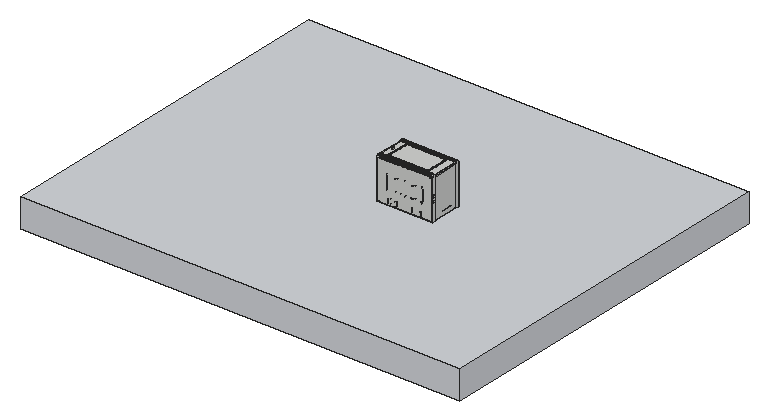
Revit family "ШТ-НСр 600х450", category Обобщенные модели, Revit 2019 (continued)
Definition of nested family "Крышка 450"
  Forms (mm)
    Extrusion 9, void, detail levels medium+fine
      sketch origin (0, 0, -284.506) x (0, 1, 0) y (0, 0, 1)
        loop
          arc (238.196, 323.006) -> (239.942, 324.752) -> (238.196, 326.499) r 1.747
      from 299 to 300
    Extrusion 10, void, detail levels medium+fine
      sketch origin (0, 0, -274.506) x (0, 1, 0) y (0, 0, 1)
        loop
          line (238.196, 326.499) -> (216.196, 326.499)
          arc (216.196, 326.499) -> (214.449, 324.752) -> (216.196, 323.006) r 1.747
          line (216.196, 323.006) -> (238.196, 323.006)
          arc (238.196, 323.006) -> (239.942, 324.752) -> (238.196, 326.499) r 1.747
      from 299 to 300
    Extrusion 11, void, detail levels medium+fine
      sketch origin (0, 0, -264.506) x (0, 1, 0) y (0, 0, 1)
        loop
          line (238.196, 326.499) -> (216.196, 326.499)
          arc (216.196, 326.499) -> (214.449, 324.752) -> (216.196, 323.006) r 1.747
          line (216.196, 323.006) -> (238.196, 323.006)
          arc (238.196, 323.006) -> (239.942, 324.752) -> (238.196, 326.499) r 1.747
      from 299 to 300
    Extrusion 12, void, detail levels medium+fine
      sketch origin (0, 0, -254.506) x (0, 1, 0) y (0, 0, 1)
        loop
          line (238.196, 326.499) -> (216.196, 326.499)
          arc (216.196, 326.499) -> (214.449, 324.752) -> (216.196, 323.006) r 1.747
          line (216.196, 323.006) -> (238.196, 323.006)
          arc (238.196, 323.006) -> (239.942, 324.752) -> (238.196, 326.499) r 1.747
      from 299 to 300
    Extrusion 13, void, detail levels medium+fine
      sketch origin (0, 0, -244.506) x (0, 1, 0) y (0, 0, 1)
        loop
          line (238.196, 326.499) -> (216.196, 326.499)
          arc (216.196, 326.499) -> (214.449, 324.752) -> (216.196, 323.006) r 1.747
          line (216.196, 323.006) -> (238.196, 323.006)
          arc (238.196, 323.006) -> (239.942, 324.752) -> (238.196, 326.499) r 1.747
      from 299 to 300
    Extrusion 14, void, detail levels medium+fine
      sketch origin (0, 0, -234.506) x (0, 1, 0) y (0, 0, 1)
        loop
          line (238.196, 326.499) -> (216.196, 326.499)
          arc (216.196, 326.499) -> (214.449, 324.752) -> (216.196, 323.006) r 1.747
          line (216.196, 323.006) -> (238.196, 323.006)
          arc (238.196, 323.006) -> (239.942, 324.752) -> (238.196, 326.499) r 1.747
      from 299 to 300
    Extrusion 15, void, detail levels medium+fine
      sketch origin (0, 0, -224.506) x (0, 1, 0) y (0, 0, 1)
        loop
          line (238.196, 326.499) -> (216.196, 326.499)
          arc (216.196, 326.499) -> (214.449, 324.752) -> (216.196, 323.006) r 1.747
          line (216.196, 323.006) -> (238.196, 323.006)
          arc (238.196, 323.006) -> (239.942, 324.752) -> (238.196, 326.499) r 1.747
      from 299 to 300
    Extrusion 16, void, detail levels medium+fine
      sketch origin (0, 0, -214.506) x (0, 1, 0) y (0, 0, 1)
        loop
          line (238.196, 326.499) -> (216.196, 326.499)
          arc (216.196, 326.499) -> (214.449, 324.752) -> (216.196, 323.006) r 1.747
          line (216.196, 323.006) -> (238.196, 323.006)
          arc (238.196, 323.006) -> (239.942, 324.752) -> (238.196, 326.499) r 1.747
      from 299 to 300
    Extrusion 17, void, detail levels medium+fine
      sketch origin (0, 0, -204.506) x (0, 1, 0) y (0, 0, 1)
        loop
          line (238.196, 326.499) -> (216.196, 326.499)
          arc (216.196, 326.499) -> (214.449, 324.752) -> (216.196, 323.006) r 1.747
          line (216.196, 323.006) -> (238.196, 323.006)
          arc (238.196, 323.006) -> (239.942, 324.752) -> (238.196, 326.499) r 1.747
      from 299 to 300
    Extrusion 18, void, detail levels medium+fine
      sketch origin (0, 0, -194.506) x (0, 1, 0) y (0, 0, 1)
        loop
          line (238.196, 326.499) -> (216.196, 326.499)
          arc (216.196, 326.499) -> (214.449, 324.752) -> (216.196, 323.006) r 1.747
          line (216.196, 323.006) -> (238.196, 323.006)
          arc (238.196, 323.006) -> (239.942, 324.752) -> (238.196, 326.499) r 1.747
      from 299 to 300
    Extrusion 19, void, detail levels medium+fine
      sketch origin (0, 0, -184.506) x (0, 1, 0) y (0, 0, 1)
        loop
          line (238.196, 326.499) -> (216.196, 326.499)
          arc (216.196, 326.499) -> (214.449, 324.752) -> (216.196, 323.006) r 1.747
          line (216.196, 323.006) -> (238.196, 323.006)
          arc (238.196, 323.006) -> (239.942, 324.752) -> (238.196, 326.499) r 1.747
      from 299 to 300
    Extrusion 20, void, detail levels medium+fine
      sketch origin (0, 0, -174.506) x (0, 1, 0) y (0, 0, 1)
        loop
          line (238.196, 326.499) -> (216.196, 326.499)
          arc (216.196, 326.499) -> (214.449, 324.752) -> (216.196, 323.006) r 1.747
          line (216.196, 323.006) -> (238.196, 323.006)
          arc (238.196, 323.006) -> (239.942, 324.752) -> (238.196, 326.499) r 1.747
      from 299 to 300
    Extrusion 21, void, detail levels medium+fine
      sketch origin (0, 0, -164.506) x (0, 1, 0) y (0, 0, 1)
        loop
          line (238.196, 326.499) -> (216.196, 326.499)
          arc (216.196, 326.499) -> (214.449, 324.752) -> (216.196, 323.006) r 1.747
          line (216.196, 323.006) -> (238.196, 323.006)
          arc (238.196, 323.006) -> (239.942, 324.752) -> (238.196, 326.499) r 1.747
      from 299 to 300
    Extrusion 22, void, detail levels medium+fine
      sketch origin (0, 0, -154.506) x (0, 1, 0) y (0, 0, 1)
        loop
          line (238.196, 326.499) -> (216.196, 326.499)
          arc (216.196, 326.499) -> (214.449, 324.752) -> (216.196, 323.006) r 1.747
          line (216.196, 323.006) -> (238.196, 323.006)
          arc (238.196, 323.006) -> (239.942, 324.752) -> (238.196, 326.499) r 1.747
      from 299 to 300
    Extrusion 23, void, detail levels medium+fine
      sketch origin (0, 0, -144.506) x (0, 1, 0) y (0, 0, 1)
        loop
          line (238.196, 426.499) -> (216.196, 426.499)
          arc (216.196, 426.499) -> (214.449, 424.752) -> (216.196, 423.006) r 1.747
          line (216.196, 423.006) -> (238.196, 423.006)
          arc (238.196, 423.006) -> (239.942, 424.752) -> (238.196, 426.499) r 1.747
      from 299 to 300
    Extrusion 24, void, detail levels medium+fine
      sketch origin (0, 0, -134.506) x (0, 1, 0) y (0, 0, 1)
        loop
          line (238.196, 426.499) -> (216.196, 426.499)
          arc (216.196, 426.499) -> (214.449, 424.752) -> (216.196, 423.006) r 1.747
          line (216.196, 423.006) -> (238.196, 423.006)
          arc (238.196, 423.006) -> (239.942, 424.752) -> (238.196, 426.499) r 1.747
      from 299 to 300
    Extrusion 25, void, detail levels medium+fine
      sketch origin (0, 0, -124.506) x (0, 1, 0) y (0, 0, 1)
        loop
          line (238.196, 426.499) -> (216.196, 426.499)
          arc (216.196, 426.499) -> (214.449, 424.752) -> (216.196, 423.006) r 1.747
          line (216.196, 423.006) -> (238.196, 423.006)
          arc (238.196, 423.006) -> (239.942, 424.752) -> (238.196, 426.499) r 1.747
      from 299 to 300
    Extrusion 26, void, detail levels medium+fine
      sketch origin (0, 0, -114.506) x (0, 1, 0) y (0, 0, 1)
        loop
          line (238.196, 426.499) -> (216.196, 426.499)
          arc (216.196, 426.499) -> (214.449, 424.752) -> (216.196, 423.006) r 1.747
          line (216.196, 423.006) -> (238.196, 423.006)
          arc (238.196, 423.006) -> (239.942, 424.752) -> (238.196, 426.499) r 1.747
      from 299 to 300
    Extrusion 27, void, detail levels medium+fine
      sketch origin (0, 0, -104.506) x (0, 1, 0) y (0, 0, 1)
        loop
          line (238.196, 426.499) -> (216.196, 426.499)
          arc (216.196, 426.499) -> (214.449, 424.752) -> (216.196, 423.006) r 1.747
          line (216.196, 423.006) -> (238.196, 423.006)
          arc (238.196, 423.006) -> (239.942, 424.752) -> (238.196, 426.499) r 1.747
      from 299 to 300
    Extrusion 28, void, detail levels medium+fine
      sketch origin (0, 0, -94.506) x (0, 1, 0) y (0, 0, 1)
        loop
          line (238.196, 426.499) -> (216.196, 426.499)
          arc (216.196, 426.499) -> (214.449, 424.752) -> (216.196, 423.006) r 1.747
          line (216.196, 423.006) -> (238.196, 423.006)
          arc (238.196, 423.006) -> (239.942, 424.752) -> (238.196, 426.499) r 1.747
      from 299 to 300
    Extrusion 29, void, detail levels medium+fine
      sketch origin (0, 0, -84.506) x (0, 1, 0) y (0, 0, 1)
        loop
          line (238.196, 426.499) -> (216.196, 426.499)
          arc (216.196, 426.499) -> (214.449, 424.752) -> (216.196, 423.006) r 1.747
          line (216.196, 423.006) -> (238.196, 423.006)
          arc (238.196, 423.006) -> (239.942, 424.752) -> (238.196, 426.499) r 1.747
      from 299 to 300
    Extrusion 30, void, detail levels medium+fine
      sketch origin (0, 0, -74.506) x (0, 1, 0) y (0, 0, 1)
        loop
          line (238.196, 426.499) -> (216.196, 426.499)
          arc (216.196, 426.499) -> (214.449, 424.752) -> (216.196, 423.006) r 1.747
          line (216.196, 423.006) -> (238.196, 423.006)
          arc (238.196, 423.006) -> (239.942, 424.752) -> (238.196, 426.499) r 1.747
      from 299 to 300
    Extrusion 31, void, detail levels medium+fine
      sketch origin (0, 0, -64.506) x (0, 1, 0) y (0, 0, 1)
        loop
          line (238.196, 426.499) -> (216.196, 426.499)
          arc (216.196, 426.499) -> (214.449, 424.752) -> (216.196, 423.006) r 1.747
          line (216.196, 423.006) -> (238.196, 423.006)
          arc (238.196, 423.006) -> (239.942, 424.752) -> (238.196, 426.499) r 1.747
      from 299 to 300
    Extrusion 32, void, detail levels medium+fine
      sketch origin (0, 0, -54.506) x (0, 1, 0) y (0, 0, 1)
        loop
          line (238.196, 426.499) -> (216.196, 426.499)
          arc (216.196, 426.499) -> (214.449, 424.752) -> (216.196, 423.006) r 1.747
          line (216.196, 423.006) -> (238.196, 423.006)
          arc (238.196, 423.006) -> (239.942, 424.752) -> (238.196, 426.499) r 1.747
      from 299 to 300
    Extrusion 33, void, detail levels medium+fine
      sketch origin (0, 0, -44.506) x (0, 1, 0) y (0, 0, 1)
        loop
          line (238.196, 426.499) -> (216.196, 426.499)
          arc (216.196, 426.499) -> (214.449, 424.752) -> (216.196, 423.006) r 1.747
          line (216.196, 423.006) -> (238.196, 423.006)
          arc (238.196, 423.006) -> (239.942, 424.752) -> (238.196, 426.499) r 1.747
      from 299 to 300
    Extrusion 34, void, detail levels medium+fine
      sketch origin (0, 0, -34.506) x (0, 1, 0) y (0, 0, 1)
        loop
          line (238.196, 426.499) -> (216.196, 426.499)
          arc (216.196, 426.499) -> (214.449, 424.752) -> (216.196, 423.006) r 1.747
          line (216.196, 423.006) -> (238.196, 423.006)
          arc (238.196, 423.006) -> (239.942, 424.752) -> (238.196, 426.499) r 1.747
      from 299 to 300
    Extrusion 35, void, detail levels medium+fine
      sketch origin (0, 0, -24.506) x (0, 1, 0) y (0, 0, 1)
        loop
          line (238.196, 426.499) -> (216.196, 426.499)
          arc (216.196, 426.499) -> (214.449, 424.752) -> (216.196, 423.006) r 1.747
          line (216.196, 423.006) -> (238.196, 423.006)
          arc (238.196, 423.006) -> (239.942, 424.752) -> (238.196, 426.499) r 1.747
      from 299 to 300
    Extrusion 36, void, detail levels medium+fine
      sketch origin (0, 0, -14.506) x (0, 1, 0) y (0, 0, 1)
        loop
          line (238.196, 426.499) -> (216.196, 426.499)
          arc (216.196, 426.499) -> (214.449, 424.752) -> (216.196, 423.006) r 1.747
          line (216.196, 423.006) -> (238.196, 423.006)
          arc (238.196, 423.006) -> (239.942, 424.752) -> (238.196, 426.499) r 1.747
      from 299 to 300
    Extrusion 37, void, detail levels medium+fine
      sketch origin (0, 0, -4.506) x (0, 1, 0) y (0, 0, 1)
        loop
          line (238.196, 426.499) -> (216.196, 426.499)
          arc (216.196, 426.499) -> (214.449, 424.752) -> (216.196, 423.006) r 1.747
          line (216.196, 423.006) -> (238.196, 423.006)
          arc (238.196, 423.006) -> (239.942, 424.752) -> (238.196, 426.499) r 1.747
      from 299 to 300
    Extrusion 38, void, detail levels medium+fine
      sketch origin (0, 0, -94.506) x (0, 1, 0) y (0, 0, -1)
        loop
          arc (238.196, -426.499) -> (239.942, -424.752) -> (238.196, -423.006) r 1.747
          line (238.196, -423.006) -> (216.196, -423.006)
          arc (216.196, -423.006) -> (214.449, -424.752) -> (216.196, -426.499) r 1.747
          line (216.196, -426.499) -> (238.196, -426.499)
      from 299 to 300
    Extrusion 39, void, detail levels medium+fine
      sketch origin (0, 0, -84.506) x (0, 1, 0) y (0, 0, -1)
        loop
          arc (238.196, -426.499) -> (239.942, -424.752) -> (238.196, -423.006) r 1.747
          line (238.196, -423.006) -> (216.196, -423.006)
          arc (216.196, -423.006) -> (214.449, -424.752) -> (216.196, -426.499) r 1.747
          line (216.196, -426.499) -> (238.196, -426.499)
      from 299 to 300
    Extrusion 40, void, detail levels medium+fine
      sketch origin (0, 0, -74.506) x (0, 1, 0) y (0, 0, -1)
        loop
          arc (238.196, -426.499) -> (239.942, -424.752) -> (238.196, -423.006) r 1.747
          line (238.196, -423.006) -> (216.196, -423.006)
          arc (216.196, -423.006) -> (214.449, -424.752) -> (216.196, -426.499) r 1.747
          line (216.196, -426.499) -> (238.196, -426.499)
      from 299 to 300
    Extrusion 41, void, detail levels medium+fine
      sketch origin (0, 0, -64.506) x (0, 1, 0) y (0, 0, -1)
        loop
          arc (238.196, -426.499) -> (239.942, -424.752) -> (238.196, -423.006) r 1.747
          line (238.196, -423.006) -> (216.196, -423.006)
          arc (216.196, -423.006) -> (214.449, -424.752) -> (216.196, -426.499) r 1.747
          line (216.196, -426.499) -> (238.196, -426.499)
      from 299 to 300
    Extrusion 42, void, detail levels medium+fine
      sketch origin (0, 0, -54.506) x (0, 1, 0) y (0, 0, -1)
        loop
          arc (238.196, -426.499) -> (239.942, -424.752) -> (238.196, -423.006) r 1.747
          line (238.196, -423.006) -> (216.196, -423.006)
          arc (216.196, -423.006) -> (214.449, -424.752) -> (216.196, -426.499) r 1.747
          line (216.196, -426.499) -> (238.196, -426.499)
      from 299 to 300
    Extrusion 43, void, detail levels medium+fine
      sketch origin (0, 0, -44.506) x (0, 1, 0) y (0, 0, -1)
        loop
          arc (238.196, -426.499) -> (239.942, -424.752) -> (238.196, -423.006) r 1.747
          line (238.196, -423.006) -> (216.196, -423.006)
          arc (216.196, -423.006) -> (214.449, -424.752) -> (216.196, -426.499) r 1.747
          line (216.196, -426.499) -> (238.196, -426.499)
      from 299 to 300
    Extrusion 44, void, detail levels medium+fine
      sketch origin (0, 0, -34.506) x (0, 1, 0) y (0, 0, -1)
        loop
          arc (238.196, -426.499) -> (239.942, -424.752) -> (238.196, -423.006) r 1.747
          line (238.196, -423.006) -> (216.196, -423.006)
          arc (216.196, -423.006) -> (214.449, -424.752) -> (216.196, -426.499) r 1.747
          line (216.196, -426.499) -> (238.196, -426.499)
      from 299 to 300
    Extrusion 45, void, detail levels medium+fine
      sketch origin (0, 0, -24.506) x (0, 1, 0) y (0, 0, -1)
        loop
          arc (238.196, -426.499) -> (239.942, -424.752) -> (238.196, -423.006) r 1.747
          line (238.196, -423.006) -> (216.196, -423.006)
          arc (216.196, -423.006) -> (214.449, -424.752) -> (216.196, -426.499) r 1.747
          line (216.196, -426.499) -> (238.196, -426.499)
      from 299 to 300
    Extrusion 46, void, detail levels medium+fine
      sketch origin (0, 0, -14.506) x (0, 1, 0) y (0, 0, -1)
        loop
          arc (238.196, -426.499) -> (239.942, -424.752) -> (238.196, -423.006) r 1.747
          line (238.196, -423.006) -> (216.196, -423.006)
          arc (216.196, -423.006) -> (214.449, -424.752) -> (216.196, -426.499) r 1.747
          line (216.196, -426.499) -> (238.196, -426.499)
      from 299 to 300
    Extrusion 47, void, detail levels medium+fine
      sketch origin (0, 0, -4.506) x (0, 1, 0) y (0, 0, -1)
        loop
          arc (238.196, -426.499) -> (239.942, -424.752) -> (238.196, -423.006) r 1.747
          line (238.196, -423.006) -> (216.196, -423.006)
          arc (216.196, -423.006) -> (214.449, -424.752) -> (216.196, -426.499) r 1.747
          line (216.196, -426.499) -> (238.196, -426.499)
      from 299 to 300
    Extrusion 48, void, detail levels medium+fine
      sketch origin (0, 0, -144.506) x (0, 1, 0) y (0, 0, -1)
        loop
          arc (238.196, -426.499) -> (239.942, -424.752) -> (238.196, -423.006) r 1.747
          line (238.196, -423.006) -> (216.196, -423.006)
          arc (216.196, -423.006) -> (214.449, -424.752) -> (216.196, -426.499) r 1.747
          line (216.196, -426.499) -> (238.196, -426.499)
      from 299 to 300
    Extrusion 49, void, detail levels medium+fine
      sketch origin (0, 0, -134.506) x (0, 1, 0) y (0, 0, -1)
        loop
          arc (238.196, -426.499) -> (239.942, -424.752) -> (238.196, -423.006) r 1.747
          line (238.196, -423.006) -> (216.196, -423.006)
          arc (216.196, -423.006) -> (214.449, -424.752) -> (216.196, -426.499) r 1.747
          line (216.196, -426.499) -> (238.196, -426.499)
      from 299 to 300
    Extrusion 50, void, detail levels medium+fine
      sketch origin (0, 0, -124.506) x (0, 1, 0) y (0, 0, -1)
        loop
          arc (238.196, -426.499) -> (239.942, -424.752) -> (238.196, -423.006) r 1.747
          line (238.196, -423.006) -> (216.196, -423.006)
          arc (216.196, -423.006) -> (214.449, -424.752) -> (216.196, -426.499) r 1.747
          line (216.196, -426.499) -> (238.196, -426.499)
      from 299 to 300
    Extrusion 51, void, detail levels medium+fine
      sketch origin (0, 0, -114.506) x (0, 1, 0) y (0, 0, -1)
        loop
          arc (238.196, -426.499) -> (239.942, -424.752) -> (238.196, -423.006) r 1.747
          line (238.196, -423.006) -> (216.196, -423.006)
          arc (216.196, -423.006) -> (214.449, -424.752) -> (216.196, -426.499) r 1.747
          line (216.196, -426.499) -> (238.196, -426.499)
      from 299 to 300
    Extrusion 52, void, detail levels medium+fine
      sketch origin (0, 0, -104.506) x (0, 1, 0) y (0, 0, -1)
        loop
          arc (238.196, -426.499) -> (239.942, -424.752) -> (238.196, -423.006) r 1.747
          line (238.196, -423.006) -> (216.196, -423.006)
          arc (216.196, -423.006) -> (214.449, -424.752) -> (216.196, -426.499) r 1.747
          line (216.196, -426.499) -> (238.196, -426.499)
      from 299 to 300
    Extrusion 53, void, detail levels medium+fine
      sketch origin (0, 0, -194.506) x (0, 1, 0) y (0, 0, -1)
        loop
          arc (238.196, -326.499) -> (239.942, -324.752) -> (238.196, -323.006) r 1.747
          line (238.196, -323.006) -> (216.196, -323.006)
          arc (216.196, -323.006) -> (214.449, -324.752) -> (216.196, -326.499) r 1.747
          line (216.196, -326.499) -> (238.196, -326.499)
      from 299 to 300
    Extrusion 54, void, detail levels medium+fine
      sketch origin (0, 0, -184.506) x (0, 1, 0) y (0, 0, -1)
        loop
          arc (238.196, -326.499) -> (239.942, -324.752) -> (238.196, -323.006) r 1.747
          line (238.196, -323.006) -> (216.196, -323.006)
          arc (216.196, -323.006) -> (214.449, -324.752) -> (216.196, -326.499) r 1.747
          line (216.196, -326.499) -> (238.196, -326.499)
      from 299 to 300
    Extrusion 55, void, detail levels medium+fine
      sketch origin (0, 0, -174.506) x (0, 1, 0) y (0, 0, -1)
        loop
          arc (238.196, -326.499) -> (239.942, -324.752) -> (238.196, -323.006) r 1.747
          line (238.196, -323.006) -> (216.196, -323.006)
          arc (216.196, -323.006) -> (214.449, -324.752) -> (216.196, -326.499) r 1.747
          line (216.196, -326.499) -> (238.196, -326.499)
      from 299 to 300
    Extrusion 56, void, detail levels medium+fine
      sketch origin (0, 0, -164.506) x (0, 1, 0) y (0, 0, -1)
        loop
          arc (238.196, -326.499) -> (239.942, -324.752) -> (238.196, -323.006) r 1.747
          line (238.196, -323.006) -> (216.196, -323.006)
          arc (216.196, -323.006) -> (214.449, -324.752) -> (216.196, -326.499) r 1.747
          line (216.196, -326.499) -> (238.196, -326.499)
      from 299 to 300
    Extrusion 57, void, detail levels medium+fine
      sketch origin (0, 0, -154.506) x (0, 1, 0) y (0, 0, -1)
        loop
          arc (238.196, -326.499) -> (239.942, -324.752) -> (238.196, -323.006) r 1.747
          line (238.196, -323.006) -> (216.196, -323.006)
          arc (216.196, -323.006) -> (214.449, -324.752) -> (216.196, -326.499) r 1.747
          line (216.196, -326.499) -> (238.196, -326.499)
      from 299 to 300
    Extrusion 58, void, detail levels medium+fine
      sketch origin (0, 0, -244.506) x (0, 1, 0) y (0, 0, -1)
        loop
          arc (238.196, -326.499) -> (239.942, -324.752) -> (238.196, -323.006) r 1.747
          line (238.196, -323.006) -> (216.196, -323.006)
          arc (216.196, -323.006) -> (214.449, -324.752) -> (216.196, -326.499) r 1.747
          line (216.196, -326.499) -> (238.196, -326.499)
      from 299 to 300
    Extrusion 59, void, detail levels medium+fine
      sketch origin (0, 0, -234.506) x (0, 1, 0) y (0, 0, -1)
        loop
          arc (238.196, -326.499) -> (239.942, -324.752) -> (238.196, -323.006) r 1.747
          line (238.196, -323.006) -> (216.196, -323.006)
          arc (216.196, -323.006) -> (214.449, -324.752) -> (216.196, -326.499) r 1.747
          line (216.196, -326.499) -> (238.196, -326.499)
      from 299 to 300
    Extrusion 60, void, detail levels medium+fine
      sketch origin (0, 0, -224.506) x (0, 1, 0) y (0, 0, -1)
        loop
          arc (238.196, -326.499) -> (239.942, -324.752) -> (238.196, -323.006) r 1.747
          line (238.196, -323.006) -> (216.196, -323.006)
          arc (216.196, -323.006) -> (214.449, -324.752) -> (216.196, -326.499) r 1.747
          line (216.196, -326.499) -> (238.196, -326.499)
      from 299 to 300
    Extrusion 61, void, detail levels medium+fine
      sketch origin (0, 0, -214.506) x (0, 1, 0) y (0, 0, -1)
        loop
          arc (238.196, -326.499) -> (239.942, -324.752) -> (238.196, -323.006) r 1.747
          line (238.196, -323.006) -> (216.196, -323.006)
          arc (216.196, -323.006) -> (214.449, -324.752) -> (216.196, -326.499) r 1.747
          line (216.196, -326.499) -> (238.196, -326.499)
      from 299 to 300
    Extrusion 62, void, detail levels medium+fine
      sketch origin (0, 0, -204.506) x (0, 1, 0) y (0, 0, -1)
        loop
          arc (238.196, -326.499) -> (239.942, -324.752) -> (238.196, -323.006) r 1.747
          line (238.196, -323.006) -> (216.196, -323.006)
          arc (216.196, -323.006) -> (214.449, -324.752) -> (216.196, -326.499) r 1.747
          line (216.196, -326.499) -> (238.196, -326.499)
      from 299 to 300
    Extrusion 63, void, detail levels medium+fine
      sketch origin (0, 0, -294.506) x (0, 1, 0) y (0, 0, -1)
        loop
          arc (238.196, -326.499) -> (239.942, -324.752) -> (238.196, -323.006) r 1.747
          line (238.196, -323.006) -> (216.196, -323.006)
          arc (216.196, -323.006) -> (214.449, -324.752) -> (216.196, -326.499) r 1.747
          line (216.196, -326.499) -> (238.196, -326.499)
      from 299 to 300
    Extrusion 64, void, detail levels medium+fine
      sketch origin (0, 0, -284.506) x (0, 1, 0) y (0, 0, -1)
        loop
          arc (238.196, -326.499) -> (239.942, -324.752) -> (238.196, -323.006) r 1.747
          line (238.196, -323.006) -> (216.196, -323.006)
          arc (216.196, -323.006) -> (214.449, -324.752) -> (216.196, -326.499) r 1.747
          line (216.196, -326.499) -> (238.196, -326.499)
      from 299 to 300
    Extrusion 65, void, detail levels medium+fine
      sketch origin (0, 0, -274.506) x (0, 1, 0) y (0, 0, -1)
        loop
          arc (238.196, -326.499) -> (239.942, -324.752) -> (238.196, -323.006) r 1.747
          line (238.196, -323.006) -> (216.196, -323.006)
          arc (216.196, -323.006) -> (214.449, -324.752) -> (216.196, -326.499) r 1.747
          line (216.196, -326.499) -> (238.196, -326.499)
      from 299 to 300
    Extrusion 66, void, detail levels medium+fine
      sketch origin (0, 0, -264.506) x (0, 1, 0) y (0, 0, -1)
        loop
          arc (238.196, -326.499) -> (239.942, -324.752) -> (238.196, -323.006) r 1.747
          line (238.196, -323.006) -> (216.196, -323.006)
          arc (216.196, -323.006) -> (214.449, -324.752) -> (216.196, -326.499) r 1.747
          line (216.196, -326.499) -> (238.196, -326.499)
      from 299 to 300
    Extrusion 67, void, detail levels medium+fine
      sketch origin (0, 0, -254.506) x (0, 1, 0) y (0, 0, -1)
        loop
          arc (238.196, -326.499) -> (239.942, -324.752) -> (238.196, -323.006) r 1.747
          line (238.196, -323.006) -> (216.196, -323.006)
          arc (216.196, -323.006) -> (214.449, -324.752) -> (216.196, -326.499) r 1.747
          line (216.196, -326.499) -> (238.196, -326.499)
      from 299 to 300
    Extrusion 68, void, detail levels medium+fine
      sketch origin (-292.566, 67.262, 0) x (1, 0, 0) y (0, 1, 0)
        loop
          line (31.066, 172.333) -> (31.066, 148.933)
          arc (31.066, 148.933) -> (32.566, 147.433) -> (34.066, 148.933) r 1.5
          line (34.066, 148.933) -> (34.066, 172.333)
          arc (34.066, 172.333) -> (32.566, 173.833) -> (31.066, 172.333) r 1.5
      from 440 to 450 <- "Глубина"
    Extrusion 69, void, detail levels medium+fine
      sketch origin (-282.566, 67.262, 0) x (1, 0, 0) y (0, 1, 0)
        loop
          line (31.066, 172.333) -> (31.066, 148.933)
          arc (31.066, 148.933) -> (32.566, 147.433) -> (34.066, 148.933) r 1.5
          line (34.066, 148.933) -> (34.066, 172.333)
          arc (34.066, 172.333) -> (32.566, 173.833) -> (31.066, 172.333) r 1.5
      from 440 to 450 <- "Глубина"
    Extrusion 70, void, detail levels medium+fine
      sketch origin (-272.566, 67.262, 0) x (1, 0, 0) y (0, 1, 0)
        loop
          line (31.066, 172.333) -> (31.066, 148.933)
          arc (31.066, 148.933) -> (32.566, 147.433) -> (34.066, 148.933) r 1.5
          line (34.066, 148.933) -> (34.066, 172.333)
          arc (34.066, 172.333) -> (32.566, 173.833) -> (31.066, 172.333) r 1.5
      from 440 to 450 <- "Глубина"
    Extrusion 71, void, detail levels medium+fine
      sketch origin (-262.566, 67.262, 0) x (1, 0, 0) y (0, 1, 0)
        loop
          line (31.066, 172.333) -> (31.066, 148.933)
          arc (31.066, 148.933) -> (32.566, 147.433) -> (34.066, 148.933) r 1.5
          line (34.066, 148.933) -> (34.066, 172.333)
          arc (34.066, 172.333) -> (32.566, 173.833) -> (31.066, 172.333) r 1.5
      from 440 to 450 <- "Глубина"
    Extrusion 72, void, detail levels medium+fine
      sketch origin (-252.566, 67.262, 0) x (1, 0, 0) y (0, 1, 0)
        loop
          line (31.066, 172.333) -> (31.066, 148.933)
          arc (31.066, 148.933) -> (32.566, 147.433) -> (34.066, 148.933) r 1.5
          line (34.066, 148.933) -> (34.066, 172.333)
          arc (34.066, 172.333) -> (32.566, 173.833) -> (31.066, 172.333) r 1.5
      from 440 to 450 <- "Глубина"
    Extrusion 73, void, detail levels medium+fine
      sketch origin (-242.566, 67.262, 0) x (1, 0, 0) y (0, 1, 0)
        loop
          line (31.066, 172.333) -> (31.066, 148.933)
          arc (31.066, 148.933) -> (32.566, 147.433) -> (34.066, 148.933) r 1.5
          line (34.066, 148.933) -> (34.066, 172.333)
          arc (34.066, 172.333) -> (32.566, 173.833) -> (31.066, 172.333) r 1.5
      from 440 to 450 <- "Глубина"
    Extrusion 74, void, detail levels medium+fine
      sketch origin (-232.566, 67.262, 0) x (1, 0, 0) y (0, 1, 0)
        loop
          line (31.066, 172.333) -> (31.066, 148.933)
          arc (31.066, 148.933) -> (32.566, 147.433) -> (34.066, 148.933) r 1.5
          line (34.066, 148.933) -> (34.066, 172.333)
          arc (34.066, 172.333) -> (32.566, 173.833) -> (31.066, 172.333) r 1.5
      from 440 to 450 <- "Глубина"
    Extrusion 75, void, detail levels medium+fine
      sketch origin (-222.566, 67.262, 0) x (1, 0, 0) y (0, 1, 0)
        loop
          line (31.066, 172.333) -> (31.066, 148.933)
          arc (31.066, 148.933) -> (32.566, 147.433) -> (34.066, 148.933) r 1.5
          line (34.066, 148.933) -> (34.066, 172.333)
          arc (34.066, 172.333) -> (32.566, 173.833) -> (31.066, 172.333) r 1.5
      from 440 to 450 <- "Глубина"
    Extrusion 76, void, detail levels medium+fine
      sketch origin (-212.566, 67.262, 0) x (1, 0, 0) y (0, 1, 0)
        loop
          line (31.066, 172.333) -> (31.066, 148.933)
          arc (31.066, 148.933) -> (32.566, 147.433) -> (34.066, 148.933) r 1.5
          line (34.066, 148.933) -> (34.066, 172.333)
          arc (34.066, 172.333) -> (32.566, 173.833) -> (31.066, 172.333) r 1.5
      from 440 to 450 <- "Глубина"
    Extrusion 77, void, detail levels medium+fine
      sketch origin (-202.566, 67.262, 0) x (1, 0, 0) y (0, 1, 0)
        loop
          line (31.066, 172.333) -> (31.066, 148.933)
          arc (31.066, 148.933) -> (32.566, 147.433) -> (34.066, 148.933) r 1.5
          line (34.066, 148.933) -> (34.066, 172.333)
          arc (34.066, 172.333) -> (32.566, 173.833) -> (31.066, 172.333) r 1.5
      from 440 to 450 <- "Глубина"
    Extrusion 78, void, detail levels medium+fine
      sketch origin (-192.566, 67.262, 0) x (1, 0, 0) y (0, 1, 0)
        loop
          line (31.066, 172.333) -> (31.066, 148.933)
          arc (31.066, 148.933) -> (32.566, 147.433) -> (34.066, 148.933) r 1.5
          line (34.066, 148.933) -> (34.066, 172.333)
          arc (34.066, 172.333) -> (32.566, 173.833) -> (31.066, 172.333) r 1.5
      from 440 to 450 <- "Глубина"
    Extrusion 79, void, detail levels medium+fine
      sketch origin (-182.566, 67.262, 0) x (1, 0, 0) y (0, 1, 0)
        loop
          line (31.066, 172.333) -> (31.066, 148.933)
          arc (31.066, 148.933) -> (32.566, 147.433) -> (34.066, 148.933) r 1.5
          line (34.066, 148.933) -> (34.066, 172.333)
          arc (34.066, 172.333) -> (32.566, 173.833) -> (31.066, 172.333) r 1.5
      from 440 to 450 <- "Глубина"
    Extrusion 80, void, detail levels medium+fine
      sketch origin (-172.566, 67.262, 0) x (1, 0, 0) y (0, 1, 0)
        loop
          line (31.066, 172.333) -> (31.066, 148.933)
          arc (31.066, 148.933) -> (32.566, 147.433) -> (34.066, 148.933) r 1.5
          line (34.066, 148.933) -> (34.066, 172.333)
          arc (34.066, 172.333) -> (32.566, 173.833) -> (31.066, 172.333) r 1.5
      from 440 to 450 <- "Глубина"
    Extrusion 81, void, detail levels medium+fine
      sketch origin (-162.566, 67.262, 0) x (1, 0, 0) y (0, 1, 0)
        loop
          line (31.066, 172.333) -> (31.066, 148.933)
          arc (31.066, 148.933) -> (32.566, 147.433) -> (34.066, 148.933) r 1.5
          line (34.066, 148.933) -> (34.066, 172.333)
          arc (34.066, 172.333) -> (32.566, 173.833) -> (31.066, 172.333) r 1.5
      from 440 to 450 <- "Глубина"
    Extrusion 82, void, detail levels medium+fine
      sketch origin (-152.566, 67.262, 0) x (1, 0, 0) y (0, 1, 0)
        loop
          line (31.066, 172.333) -> (31.066, 148.933)
          arc (31.066, 148.933) -> (32.566, 147.433) -> (34.066, 148.933) r 1.5
          line (34.066, 148.933) -> (34.066, 172.333)
          arc (34.066, 172.333) -> (32.566, 173.833) -> (31.066, 172.333) r 1.5
      from 440 to 450 <- "Глубина"
    Extrusion 83, void, detail levels medium+fine
      sketch origin (-142.566, 67.262, 0) x (1, 0, 0) y (0, 1, 0)
        loop
          line (31.066, 172.333) -> (31.066, 148.933)
          arc (31.066, 148.933) -> (32.566, 147.433) -> (34.066, 148.933) r 1.5
          line (34.066, 148.933) -> (34.066, 172.333)
          arc (34.066, 172.333) -> (32.566, 173.833) -> (31.066, 172.333) r 1.5
      from 440 to 450 <- "Глубина"
    Extrusion 84, void, detail levels medium+fine
      sketch origin (-132.566, 67.262, 0) x (1, 0, 0) y (0, 1, 0)
        loop
          line (31.066, 172.333) -> (31.066, 148.933)
          arc (31.066, 148.933) -> (32.566, 147.433) -> (34.066, 148.933) r 1.5
          line (34.066, 148.933) -> (34.066, 172.333)
          arc (34.066, 172.333) -> (32.566, 173.833) -> (31.066, 172.333) r 1.5
      from 440 to 450 <- "Глубина"
    Extrusion 85, void, detail levels medium+fine
      sketch origin (-122.566, 67.262, 0) x (1, 0, 0) y (0, 1, 0)
        loop
          line (31.066, 172.333) -> (31.066, 148.933)
          arc (31.066, 148.933) -> (32.566, 147.433) -> (34.066, 148.933) r 1.5
          line (34.066, 148.933) -> (34.066, 172.333)
          arc (34.066, 172.333) -> (32.566, 173.833) -> (31.066, 172.333) r 1.5
      from 440 to 450 <- "Глубина"
    Extrusion 86, void, detail levels medium+fine
      sketch origin (-112.566, 67.262, 0) x (1, 0, 0) y (0, 1, 0)
        loop
          line (31.066, 172.333) -> (31.066, 148.933)
          arc (31.066, 148.933) -> (32.566, 147.433) -> (34.066, 148.933) r 1.5
          line (34.066, 148.933) -> (34.066, 172.333)
          arc (34.066, 172.333) -> (32.566, 173.833) -> (31.066, 172.333) r 1.5
      from 440 to 450 <- "Глубина"
    Extrusion 87, void, detail levels medium+fine
      sketch origin (-102.566, 67.262, 0) x (1, 0, 0) y (0, 1, 0)
        loop
          line (31.066, 172.333) -> (31.066, 148.933)
          arc (31.066, 148.933) -> (32.566, 147.433) -> (34.066, 148.933) r 1.5
          line (34.066, 148.933) -> (34.066, 172.333)
          arc (34.066, 172.333) -> (32.566, 173.833) -> (31.066, 172.333) r 1.5
      from 440 to 450 <- "Глубина"
    Extrusion 88, void, detail levels medium+fine
      sketch origin (-92.566, 67.262, 0) x (1, 0, 0) y (0, 1, 0)
        loop
          line (31.066, 172.333) -> (31.066, 148.933)
          arc (31.066, 148.933) -> (32.566, 147.433) -> (34.066, 148.933) r 1.5
          line (34.066, 148.933) -> (34.066, 172.333)
          arc (34.066, 172.333) -> (32.566, 173.833) -> (31.066, 172.333) r 1.5
      from 440 to 450 <- "Глубина"
    Extrusion 89, void, detail levels medium+fine
      sketch origin (-82.566, 67.262, 0) x (1, 0, 0) y (0, 1, 0)
        loop
          line (31.066, 172.333) -> (31.066, 148.933)
          arc (31.066, 148.933) -> (32.566, 147.433) -> (34.066, 148.933) r 1.5
          line (34.066, 148.933) -> (34.066, 172.333)
          arc (34.066, 172.333) -> (32.566, 173.833) -> (31.066, 172.333) r 1.5
      from 440 to 450 <- "Глубина"
    Extrusion 90, void, detail levels medium+fine
      sketch origin (-72.566, 67.262, 0) x (1, 0, 0) y (0, 1, 0)
        loop
          line (31.066, 172.333) -> (31.066, 148.933)
          arc (31.066, 148.933) -> (32.566, 147.433) -> (34.066, 148.933) r 1.5
          line (34.066, 148.933) -> (34.066, 172.333)
          arc (34.066, 172.333) -> (32.566, 173.833) -> (31.066, 172.333) r 1.5
      from 440 to 450 <- "Глубина"
    Extrusion 91, void, detail levels medium+fine
      sketch origin (-62.566, 67.262, 0) x (1, 0, 0) y (0, 1, 0)
        loop
          line (31.066, 172.333) -> (31.066, 148.933)
          arc (31.066, 148.933) -> (32.566, 147.433) -> (34.066, 148.933) r 1.5
          line (34.066, 148.933) -> (34.066, 172.333)
          arc (34.066, 172.333) -> (32.566, 173.833) -> (31.066, 172.333) r 1.5
      from 440 to 450 <- "Глубина"
    Extrusion 92, void, detail levels medium+fine
      sketch origin (-52.566, 67.262, 0) x (1, 0, 0) y (0, 1, 0)
        loop
          line (31.066, 172.333) -> (31.066, 148.933)
          arc (31.066, 148.933) -> (32.566, 147.433) -> (34.066, 148.933) r 1.5
          line (34.066, 148.933) -> (34.066, 172.333)
          arc (34.066, 172.333) -> (32.566, 173.833) -> (31.066, 172.333) r 1.5
      from 440 to 450 <- "Глубина"
    Extrusion 93, void, detail levels medium+fine
      sketch origin (-42.566, 67.262, 0) x (1, 0, 0) y (0, 1, 0)
        loop
          line (31.066, 172.333) -> (31.066, 148.933)
          arc (31.066, 148.933) -> (32.566, 147.433) -> (34.066, 148.933) r 1.5
          line (34.066, 148.933) -> (34.066, 172.333)
          arc (34.066, 172.333) -> (32.566, 173.833) -> (31.066, 172.333) r 1.5
      from 440 to 450 <- "Глубина"
    Extrusion 94, void, detail levels medium+fine
      sketch origin (-32.566, 67.262, 0) x (1, 0, 0) y (0, 1, 0)
        loop
          line (31.066, 172.333) -> (31.066, 148.933)
          arc (31.066, 148.933) -> (32.566, 147.433) -> (34.066, 148.933) r 1.5
          line (34.066, 148.933) -> (34.066, 172.333)
          arc (34.066, 172.333) -> (32.566, 173.833) -> (31.066, 172.333) r 1.5
      from 440 to 450 <- "Глубина"
    Extrusion 95, void, detail levels medium+fine
      sketch origin (-22.566, 67.262, 0) x (1, 0, 0) y (0, 1, 0)
        loop
          line (31.066, 172.333) -> (31.066, 148.933)
          arc (31.066, 148.933) -> (32.566, 147.433) -> (34.066, 148.933) r 1.5
          line (34.066, 148.933) -> (34.066, 172.333)
          arc (34.066, 172.333) -> (32.566, 173.833) -> (31.066, 172.333) r 1.5
      from 440 to 450 <- "Глубина"
    Extrusion 96, void, detail levels medium+fine
      sketch origin (-12.566, 67.262, 0) x (1, 0, 0) y (0, 1, 0)
        loop
          line (31.066, 172.333) -> (31.066, 148.933)
          arc (31.066, 148.933) -> (32.566, 147.433) -> (34.066, 148.933) r 1.5
          line (34.066, 148.933) -> (34.066, 172.333)
          arc (34.066, 172.333) -> (32.566, 173.833) -> (31.066, 172.333) r 1.5
      from 440 to 450 <- "Глубина"
    Extrusion 97, void, detail levels medium+fine
      sketch origin (-2.566, 67.262, 0) x (1, 0, 0) y (0, 1, 0)
        loop
          line (31.066, 172.333) -> (31.066, 148.933)
          arc (31.066, 148.933) -> (32.566, 147.433) -> (34.066, 148.933) r 1.5
          line (34.066, 148.933) -> (34.066, 172.333)
          arc (34.066, 172.333) -> (32.566, 173.833) -> (31.066, 172.333) r 1.5
      from 440 to 450 <- "Глубина"
    Extrusion 98, void, detail levels medium+fine
      sketch origin (7.434, 67.262, 0) x (1, 0, 0) y (0, 1, 0)
        loop
          line (31.066, 172.333) -> (31.066, 148.933)
          arc (31.066, 148.933) -> (32.566, 147.433) -> (34.066, 148.933) r 1.5
          line (34.066, 148.933) -> (34.066, 172.333)
          arc (34.066, 172.333) -> (32.566, 173.833) -> (31.066, 172.333) r 1.5
      from 440 to 450 <- "Глубина"
    Extrusion 99, void, detail levels medium+fine
      sketch origin (17.434, 67.262, 0) x (1, 0, 0) y (0, 1, 0)
        loop
          line (31.066, 172.333) -> (31.066, 148.933)
          arc (31.066, 148.933) -> (32.566, 147.433) -> (34.066, 148.933) r 1.5
          line (34.066, 148.933) -> (34.066, 172.333)
          arc (34.066, 172.333) -> (32.566, 173.833) -> (31.066, 172.333) r 1.5
      from 440 to 450 <- "Глубина"
    Extrusion 100, void, detail levels medium+fine
      sketch origin (27.434, 67.262, 0) x (1, 0, 0) y (0, 1, 0)
        loop
          line (31.066, 172.333) -> (31.066, 148.933)
          arc (31.066, 148.933) -> (32.566, 147.433) -> (34.066, 148.933) r 1.5
          line (34.066, 148.933) -> (34.066, 172.333)
          arc (34.066, 172.333) -> (32.566, 173.833) -> (31.066, 172.333) r 1.5
      from 440 to 450 <- "Глубина"
    Extrusion 101, void, detail levels medium+fine
      sketch origin (37.434, 67.262, 0) x (1, 0, 0) y (0, 1, 0)
        loop
          line (31.066, 172.333) -> (31.066, 148.933)
          arc (31.066, 148.933) -> (32.566, 147.433) -> (34.066, 148.933) r 1.5
          line (34.066, 148.933) -> (34.066, 172.333)
          arc (34.066, 172.333) -> (32.566, 173.833) -> (31.066, 172.333) r 1.5
      from 440 to 450 <- "Глубина"
    Extrusion 102, void, detail levels medium+fine
      sketch origin (47.434, 67.262, 0) x (1, 0, 0) y (0, 1, 0)
        loop
          line (31.066, 172.333) -> (31.066, 148.933)
          arc (31.066, 148.933) -> (32.566, 147.433) -> (34.066, 148.933) r 1.5
          line (34.066, 148.933) -> (34.066, 172.333)
          arc (34.066, 172.333) -> (32.566, 173.833) -> (31.066, 172.333) r 1.5
      from 440 to 450 <- "Глубина"
    Extrusion 103, void, detail levels medium+fine
      sketch origin (57.434, 67.262, 0) x (1, 0, 0) y (0, 1, 0)
        loop
          line (31.066, 172.333) -> (31.066, 148.933)
          arc (31.066, 148.933) -> (32.566, 147.433) -> (34.066, 148.933) r 1.5
          line (34.066, 148.933) -> (34.066, 172.333)
          arc (34.066, 172.333) -> (32.566, 173.833) -> (31.066, 172.333) r 1.5
      from 440 to 450 <- "Глубина"
    Extrusion 104, void, detail levels medium+fine
      sketch origin (67.434, 67.262, 0) x (1, 0, 0) y (0, 1, 0)
        loop
          line (31.066, 172.333) -> (31.066, 148.933)
          arc (31.066, 148.933) -> (32.566, 147.433) -> (34.066, 148.933) r 1.5
          line (34.066, 148.933) -> (34.066, 172.333)
          arc (34.066, 172.333) -> (32.566, 173.833) -> (31.066, 172.333) r 1.5
      from 440 to 450 <- "Глубина"
    Extrusion 105, void, detail levels medium+fine
      sketch origin (77.434, 67.262, 0) x (1, 0, 0) y (0, 1, 0)
        loop
          line (31.066, 172.333) -> (31.066, 148.933)
          arc (31.066, 148.933) -> (32.566, 147.433) -> (34.066, 148.933) r 1.5
          line (34.066, 148.933) -> (34.066, 172.333)
          arc (34.066, 172.333) -> (32.566, 173.833) -> (31.066, 172.333) r 1.5
      from 440 to 450 <- "Глубина"
    Extrusion 106, void, detail levels medium+fine
      sketch origin (87.434, 67.262, 0) x (1, 0, 0) y (0, 1, 0)
        loop
          line (31.066, 172.333) -> (31.066, 148.933)
          arc (31.066, 148.933) -> (32.566, 147.433) -> (34.066, 148.933) r 1.5
          line (34.066, 148.933) -> (34.066, 172.333)
          arc (34.066, 172.333) -> (32.566, 173.833) -> (31.066, 172.333) r 1.5
      from 440 to 450 <- "Глубина"
    Extrusion 107, void, detail levels medium+fine
      sketch origin (97.434, 67.262, 0) x (1, 0, 0) y (0, 1, 0)
        loop
          line (31.066, 172.333) -> (31.066, 148.933)
          arc (31.066, 148.933) -> (32.566, 147.433) -> (34.066, 148.933) r 1.5
          line (34.066, 148.933) -> (34.066, 172.333)
          arc (34.066, 172.333) -> (32.566, 173.833) -> (31.066, 172.333) r 1.5
      from 440 to 450 <- "Глубина"
    Extrusion 108, void, detail levels medium+fine
      sketch origin (107.434, 67.262, 0) x (1, 0, 0) y (0, 1, 0)
        loop
          line (31.066, 172.333) -> (31.066, 148.933)
          arc (31.066, 148.933) -> (32.566, 147.433) -> (34.066, 148.933) r 1.5
          line (34.066, 148.933) -> (34.066, 172.333)
          arc (34.066, 172.333) -> (32.566, 173.833) -> (31.066, 172.333) r 1.5
      from 440 to 450 <- "Глубина"
    Extrusion 109, void, detail levels medium+fine
      sketch origin (117.434, 67.262, 0) x (1, 0, 0) y (0, 1, 0)
        loop
          line (31.066, 172.333) -> (31.066, 148.933)
          arc (31.066, 148.933) -> (32.566, 147.433) -> (34.066, 148.933) r 1.5
          line (34.066, 148.933) -> (34.066, 172.333)
          arc (34.066, 172.333) -> (32.566, 173.833) -> (31.066, 172.333) r 1.5
      from 440 to 450 <- "Глубина"
    Extrusion 110, void, detail levels medium+fine
      sketch origin (127.434, 67.262, 0) x (1, 0, 0) y (0, 1, 0)
        loop
          line (31.066, 172.333) -> (31.066, 148.933)
          arc (31.066, 148.933) -> (32.566, 147.433) -> (34.066, 148.933) r 1.5
          line (34.066, 148.933) -> (34.066, 172.333)
          arc (34.066, 172.333) -> (32.566, 173.833) -> (31.066, 172.333) r 1.5
      from 440 to 450 <- "Глубина"
    Extrusion 111, void, detail levels medium+fine
      sketch origin (137.434, 67.262, 0) x (1, 0, 0) y (0, 1, 0)
        loop
          line (31.066, 172.333) -> (31.066, 148.933)
          arc (31.066, 148.933) -> (32.566, 147.433) -> (34.066, 148.933) r 1.5
          line (34.066, 148.933) -> (34.066, 172.333)
          arc (34.066, 172.333) -> (32.566, 173.833) -> (31.066, 172.333) r 1.5
      from 440 to 450 <- "Глубина"
    Extrusion 112, void, detail levels medium+fine
      sketch origin (147.434, 67.262, 0) x (1, 0, 0) y (0, 1, 0)
        loop
          line (31.066, 172.333) -> (31.066, 148.933)
          arc (31.066, 148.933) -> (32.566, 147.433) -> (34.066, 148.933) r 1.5
          line (34.066, 148.933) -> (34.066, 172.333)
          arc (34.066, 172.333) -> (32.566, 173.833) -> (31.066, 172.333) r 1.5
      from 440 to 450 <- "Глубина"
    Extrusion 113, void, detail levels medium+fine
      sketch origin (157.434, 67.262, 0) x (1, 0, 0) y (0, 1, 0)
        loop
          line (31.066, 172.333) -> (31.066, 148.933)
          arc (31.066, 148.933) -> (32.566, 147.433) -> (34.066, 148.933) r 1.5
          line (34.066, 148.933) -> (34.066, 172.333)
          arc (34.066, 172.333) -> (32.566, 173.833) -> (31.066, 172.333) r 1.5
      from 440 to 450 <- "Глубина"
    Extrusion 114, void, detail levels medium+fine
      sketch origin (167.434, 67.262, 0) x (1, 0, 0) y (0, 1, 0)
        loop
          line (31.066, 172.333) -> (31.066, 148.933)
          arc (31.066, 148.933) -> (32.566, 147.433) -> (34.066, 148.933) r 1.5
          line (34.066, 148.933) -> (34.066, 172.333)
          arc (34.066, 172.333) -> (32.566, 173.833) -> (31.066, 172.333) r 1.5
      from 440 to 450 <- "Глубина"
    Extrusion 115, void, detail levels medium+fine
      sketch origin (177.434, 67.262, 0) x (1, 0, 0) y (0, 1, 0)
        loop
          line (31.066, 172.333) -> (31.066, 148.933)
          arc (31.066, 148.933) -> (32.566, 147.433) -> (34.066, 148.933) r 1.5
          line (34.066, 148.933) -> (34.066, 172.333)
          arc (34.066, 172.333) -> (32.566, 173.833) -> (31.066, 172.333) r 1.5
      from 440 to 450 <- "Глубина"
    Extrusion 116, void, detail levels medium+fine
      sketch origin (187.434, 67.262, 0) x (1, 0, 0) y (0, 1, 0)
        loop
          line (31.066, 172.333) -> (31.066, 148.933)
          arc (31.066, 148.933) -> (32.566, 147.433) -> (34.066, 148.933) r 1.5
          line (34.066, 148.933) -> (34.066, 172.333)
          arc (34.066, 172.333) -> (32.566, 173.833) -> (31.066, 172.333) r 1.5
      from 440 to 450 <- "Глубина"
    Extrusion 117, void, detail levels medium+fine
      sketch origin (197.434, 67.262, 0) x (1, 0, 0) y (0, 1, 0)
        loop
          line (31.066, 172.333) -> (31.066, 148.933)
          arc (31.066, 148.933) -> (32.566, 147.433) -> (34.066, 148.933) r 1.5
          line (34.066, 148.933) -> (34.066, 172.333)
          arc (34.066, 172.333) -> (32.566, 173.833) -> (31.066, 172.333) r 1.5
      from 440 to 450 <- "Глубина"
    Extrusion 118, void, detail levels medium+fine
      sketch origin (207.434, 67.262, 0) x (1, 0, 0) y (0, 1, 0)
        loop
          line (31.066, 172.333) -> (31.066, 148.933)
          arc (31.066, 148.933) -> (32.566, 147.433) -> (34.066, 148.933) r 1.5
          line (34.066, 148.933) -> (34.066, 172.333)
          arc (34.066, 172.333) -> (32.566, 173.833) -> (31.066, 172.333) r 1.5
      from 440 to 450 <- "Глубина"
    Extrusion 119, void, detail levels medium+fine
      sketch origin (217.434, 67.262, 0) x (1, 0, 0) y (0, 1, 0)
        loop
          line (31.066, 172.333) -> (31.066, 148.933)
          arc (31.066, 148.933) -> (32.566, 147.433) -> (34.066, 148.933) r 1.5
          line (34.066, 148.933) -> (34.066, 172.333)
          arc (34.066, 172.333) -> (32.566, 173.833) -> (31.066, 172.333) r 1.5
      from 440 to 450 <- "Глубина"
    Extrusion 120, void, detail levels medium+fine
      sketch origin (227.434, 67.262, 0) x (1, 0, 0) y (0, 1, 0)
        loop
          line (31.066, 172.333) -> (31.066, 148.933)
          arc (31.066, 148.933) -> (32.566, 147.433) -> (34.066, 148.933) r 1.5
          line (34.066, 148.933) -> (34.066, 172.333)
          arc (34.066, 172.333) -> (32.566, 173.833) -> (31.066, 172.333) r 1.5
      from 440 to 450 <- "Глубина"
    Extrusion 121, void, detail levels medium+fine
      sketch origin (237.434, 67.262, 0) x (1, 0, 0) y (0, 1, 0)
        loop
          line (31.066, 172.333) -> (31.066, 148.933)
          arc (31.066, 148.933) -> (32.566, 147.433) -> (34.066, 148.933) r 1.5
          line (34.066, 148.933) -> (34.066, 172.333)
          arc (34.066, 172.333) -> (32.566, 173.833) -> (31.066, 172.333) r 1.5
      from 440 to 450 <- "Глубина"
    Extrusion 122, void, detail levels medium+fine
      sketch origin (0, 0, -154.506) x (0, 1, 0) y (0, 0, -1)
        loop
          arc (238.196, -426.499) -> (239.942, -424.752) -> (238.196, -423.006) r 1.747
          line (238.196, -423.006) -> (216.196, -423.006)
          arc (216.196, -423.006) -> (214.449, -424.752) -> (216.196, -426.499) r 1.747
          line (216.196, -426.499) -> (238.196, -426.499)
      from 299 to 300
    Extrusion 123, void, detail levels medium+fine
      sketch origin (0, 0, -174.506) x (0, 1, 0) y (0, 0, -1)
        loop
          arc (238.196, -426.499) -> (239.942, -424.752) -> (238.196, -423.006) r 1.747
          line (238.196, -423.006) -> (216.196, -423.006)
          arc (216.196, -423.006) -> (214.449, -424.752) -> (216.196, -426.499) r 1.747
          line (216.196, -426.499) -> (238.196, -426.499)
      from 299 to 300
    Extrusion 124, void, detail levels medium+fine
      sketch origin (0, 0, -164.506) x (0, 1, 0) y (0, 0, -1)
        loop
          arc (238.196, -426.499) -> (239.942, -424.752) -> (238.196, -423.006) r 1.747
          line (238.196, -423.006) -> (216.196, -423.006)
          arc (216.196, -423.006) -> (214.449, -424.752) -> (216.196, -426.499) r 1.747
          line (216.196, -426.499) -> (238.196, -426.499)
      from 299 to 300
    Extrusion 125, void, detail levels medium+fine
      sketch origin (0, 0, -184.506) x (0, 1, 0) y (0, 0, -1)
        loop
          arc (238.196, -426.499) -> (239.942, -424.752) -> (238.196, -423.006) r 1.747
          line (238.196, -423.006) -> (216.196, -423.006)
          arc (216.196, -423.006) -> (214.449, -424.752) -> (216.196, -426.499) r 1.747
          line (216.196, -426.499) -> (238.196, -426.499)
      from 299 to 300
    Extrusion 126, void, detail levels medium+fine
      sketch origin (0, 0, -204.506) x (0, 1, 0) y (0, 0, -1)
        loop
          arc (238.196, -426.499) -> (239.942, -424.752) -> (238.196, -423.006) r 1.747
          line (238.196, -423.006) -> (216.196, -423.006)
          arc (216.196, -423.006) -> (214.449, -424.752) -> (216.196, -426.499) r 1.747
          line (216.196, -426.499) -> (238.196, -426.499)
      from 299 to 300
    Extrusion 127, void, detail levels medium+fine
      sketch origin (0, 0, -194.506) x (0, 1, 0) y (0, 0, -1)
        loop
          arc (238.196, -426.499) -> (239.942, -424.752) -> (238.196, -423.006) r 1.747
          line (238.196, -423.006) -> (216.196, -423.006)
          arc (216.196, -423.006) -> (214.449, -424.752) -> (216.196, -426.499) r 1.747
          line (216.196, -426.499) -> (238.196, -426.499)
      from 299 to 300
    Extrusion 128, void, detail levels medium+fine
      sketch origin (0, 0, -214.506) x (0, 1, 0) y (0, 0, -1)
        loop
          arc (238.196, -426.499) -> (239.942, -424.752) -> (238.196, -423.006) r 1.747
          line (238.196, -423.006) -> (216.196, -423.006)
          arc (216.196, -423.006) -> (214.449, -424.752) -> (216.196, -426.499) r 1.747
          line (216.196, -426.499) -> (238.196, -426.499)
      from 299 to 300
    Extrusion 129, void, detail levels medium+fine
      sketch origin (0, 0, -234.506) x (0, 1, 0) y (0, 0, -1)
        loop
          arc (238.196, -426.499) -> (239.942, -424.752) -> (238.196, -423.006) r 1.747
          line (238.196, -423.006) -> (216.196, -423.006)
          arc (216.196, -423.006) -> (214.449, -424.752) -> (216.196, -426.499) r 1.747
          line (216.196, -426.499) -> (238.196, -426.499)
      from 299 to 300
    Extrusion 130, void, detail levels medium+fine
      sketch origin (0, 0, -224.506) x (0, 1, 0) y (0, 0, -1)
        loop
          arc (238.196, -426.499) -> (239.942, -424.752) -> (238.196, -423.006) r 1.747
          line (238.196, -423.006) -> (216.196, -423.006)
          arc (216.196, -423.006) -> (214.449, -424.752) -> (216.196, -426.499) r 1.747
          line (216.196, -426.499) -> (238.196, -426.499)
      from 299 to 300
    Extrusion 131, void, detail levels medium+fine
      sketch origin (0, 0, -244.506) x (0, 1, 0) y (0, 0, -1)
        loop
          arc (238.196, -426.499) -> (239.942, -424.752) -> (238.196, -423.006) r 1.747
          line (238.196, -423.006) -> (216.196, -423.006)
          arc (216.196, -423.006) -> (214.449, -424.752) -> (216.196, -426.499) r 1.747
          line (216.196, -426.499) -> (238.196, -426.499)
      from 299 to 300
    Extrusion 132, void, detail levels medium+fine
      sketch origin (0, 0, -194.506) x (0, 1, 0) y (0, 0, 1)
        loop
          line (238.196, 426.499) -> (216.196, 426.499)
          arc (216.196, 426.499) -> (214.449, 424.752) -> (216.196, 423.006) r 1.747
          line (216.196, 423.006) -> (238.196, 423.006)
          arc (238.196, 423.006) -> (239.942, 424.752) -> (238.196, 426.499) r 1.747
      from 299 to 300
    Extrusion 133, void, detail levels medium+fine
      sketch origin (0, 0, -184.506) x (0, 1, 0) y (0, 0, 1)
        loop
          line (238.196, 426.499) -> (216.196, 426.499)
          arc (216.196, 426.499) -> (214.449, 424.752) -> (216.196, 423.006) r 1.747
          line (216.196, 423.006) -> (238.196, 423.006)
          arc (238.196, 423.006) -> (239.942, 424.752) -> (238.196, 426.499) r 1.747
      from 299 to 300
    Extrusion 134, void, detail levels medium+fine
      sketch origin (0, 0, -174.506) x (0, 1, 0) y (0, 0, 1)
        loop
          line (238.196, 426.499) -> (216.196, 426.499)
          arc (216.196, 426.499) -> (214.449, 424.752) -> (216.196, 423.006) r 1.747
          line (216.196, 423.006) -> (238.196, 423.006)
          arc (238.196, 423.006) -> (239.942, 424.752) -> (238.196, 426.499) r 1.747
      from 299 to 300
    Extrusion 135, void, detail levels medium+fine
      sketch origin (0, 0, -164.506) x (0, 1, 0) y (0, 0, 1)
        loop
          line (238.196, 426.499) -> (216.196, 426.499)
          arc (216.196, 426.499) -> (214.449, 424.752) -> (216.196, 423.006) r 1.747
          line (216.196, 423.006) -> (238.196, 423.006)
          arc (238.196, 423.006) -> (239.942, 424.752) -> (238.196, 426.499) r 1.747
      from 299 to 300
    Extrusion 136, void, detail levels medium+fine
      sketch origin (0, 0, -154.506) x (0, 1, 0) y (0, 0, 1)
        loop
          line (238.196, 426.499) -> (216.196, 426.499)
          arc (216.196, 426.499) -> (214.449, 424.752) -> (216.196, 423.006) r 1.747
          line (216.196, 423.006) -> (238.196, 423.006)
          arc (238.196, 423.006) -> (239.942, 424.752) -> (238.196, 426.499) r 1.747
      from 299 to 300
    Extrusion 137, void, detail levels medium+fine
      sketch origin (0, 0, -244.506) x (0, 1, 0) y (0, 0, 1)
        loop
          line (238.196, 426.499) -> (216.196, 426.499)
          arc (216.196, 426.499) -> (214.449, 424.752) -> (216.196, 423.006) r 1.747
          line (216.196, 423.006) -> (238.196, 423.006)
          arc (238.196, 423.006) -> (239.942, 424.752) -> (238.196, 426.499) r 1.747
      from 299 to 300
    Extrusion 138, void, detail levels medium+fine
      sketch origin (0, 0, -234.506) x (0, 1, 0) y (0, 0, 1)
        loop
          line (238.196, 426.499) -> (216.196, 426.499)
          arc (216.196, 426.499) -> (214.449, 424.752) -> (216.196, 423.006) r 1.747
          line (216.196, 423.006) -> (238.196, 423.006)
          arc (238.196, 423.006) -> (239.942, 424.752) -> (238.196, 426.499) r 1.747
      from 299 to 300
    Extrusion 139, void, detail levels medium+fine
      sketch origin (0, 0, -224.506) x (0, 1, 0) y (0, 0, 1)
        loop
          line (238.196, 426.499) -> (216.196, 426.499)
          arc (216.196, 426.499) -> (214.449, 424.752) -> (216.196, 423.006) r 1.747
          line (216.196, 423.006) -> (238.196, 423.006)
          arc (238.196, 423.006) -> (239.942, 424.752) -> (238.196, 426.499) r 1.747
      from 299 to 300
    Extrusion 140, void, detail levels medium+fine
      sketch origin (0, 0, -214.506) x (0, 1, 0) y (0, 0, 1)
        loop
          line (238.196, 426.499) -> (216.196, 426.499)
          arc (216.196, 426.499) -> (214.449, 424.752) -> (216.196, 423.006) r 1.747
          line (216.196, 423.006) -> (238.196, 423.006)
          arc (238.196, 423.006) -> (239.942, 424.752) -> (238.196, 426.499) r 1.747
      from 299 to 300
    Extrusion 141, void, detail levels medium+fine
      sketch origin (0, 0, -204.506) x (0, 1, 0) y (0, 0, 1)
        loop
          line (238.196, 426.499) -> (216.196, 426.499)
          arc (216.196, 426.499) -> (214.449, 424.752) -> (216.196, 423.006) r 1.747
          line (216.196, 423.006) -> (238.196, 423.006)
          arc (238.196, 423.006) -> (239.942, 424.752) -> (238.196, 426.499) r 1.747
      from 299 to 300
  Cuts and joins
    Extrusion 3, Extrusion 4, Extrusion 5, Extrusion 6, Extrusion 7, Extrusion 8, Extrusion 9, Extrusion 10, Extrusion 11, Extrusion 12, Extrusion 13, Extrusion 14, Extrusion 15, Extrusion 16, Extrusion 17, Extrusion 18, Extrusion 19, Extrusion 20, Extrusion 21, Extrusion 22, Extrusion 23, Extrusion 24, Extrusion 25, Extrusion 26, Extrusion 27, Extrusion 28, Extrusion 29, Extrusion 30, Extrusion 31, Extrusion 32, Extrusion 33, Extrusion 34, Extrusion 35, Extrusion 36, Extrusion 37, Extrusion 38, Extrusion 39, Extrusion 40, Extrusion 41, Extrusion 42, Extrusion 43, Extrusion 44, Extrusion 45, Extrusion 46, Extrusion 47, Extrusion 48, Extrusion 49, Extrusion 50, Extrusion 51, Extrusion 52, Extrusion 53, Extrusion 54, Extrusion 55, Extrusion 56, Extrusion 57, Extrusion 58, Extrusion 59, Extrusion 60, Extrusion 61, Extrusion 62, Extrusion 63, Extrusion 64, Extrusion 65, Extrusion 66, Extrusion 67, Extrusion 68, Extrusion 69, Extrusion 70, Extrusion 71, Extrusion 72, Extrusion 73, Extrusion 74, Extrusion 75, Extrusion 76, Extrusion 77, Extrusion 78, Extrusion 79, Extrusion 80, Extrusion 81, Extrusion 82, Extrusion 83, Extrusion 84, Extrusion 85, Extrusion 86, Extrusion 87, Extrusion 88, Extrusion 89, Extrusion 90, Extrusion 91, Extrusion 92, Extrusion 93, Extrusion 94, Extrusion 95, Extrusion 96, Extrusion 97, Extrusion 98, Extrusion 99, Extrusion 100, Extrusion 101, Extrusion 102, Extrusion 103, Extrusion 104, Extrusion 105, Extrusion 106, Extrusion 107, Extrusion 108, Extrusion 109, Extrusion 110, Extrusion 111, Extrusion 112, Extrusion 113, Extrusion 114, Extrusion 115, Extrusion 116, Extrusion 117, Extrusion 118, Extrusion 119, Extrusion 120, Extrusion 121, Extrusion 122, Extrusion 123, Extrusion 124, Extrusion 125, Extrusion 126, Extrusion 127, Extrusion 128, Extrusion 129, Extrusion 130, Extrusion 131, Extrusion 132, Extrusion 133, Extrusion 134, Extrusion 135, Extrusion 136, Extrusion 137, Extrusion 138, Extrusion 139, Extrusion 140, Extrusion 141 cuts Extrusion 2
  Lines and regions (mm)
    reference lines
      curve 1: line (-1.5, 227.896, 0) -> (1.5, 227.896, 0)
      curve 2: line (299, 0, 0) -> (299, 0, 450)
      curve 3: line (-299, 0, 450) -> (-299, 0, 0)
  Dimensions and locks
    equal spacing: plane 5, plane 3 "По центру (Влево/Вправо)", plane 4
    "Ширина": plane 5 to plane 4
    "Глубина": Extrusion 1 to plane 8
    locked: Extrusion 2 to plane 6 at 40
    aligned and locked: plane 2 to Extrusion 1
    aligned and locked: level to Extrusion 1
    aligned and locked: Extrusion 2 to level
    aligned and locked: Extrusion 2 to plane 8
    aligned and locked: plane 4 to Extrusion 2
    aligned and locked: Extrusion 2 to plane 5
    aligned and locked: Extrusion 7 to plane 6
    aligned and locked: Extrusion 5 to plane 6
    aligned and locked: plane 4 to Extrusion 5
    aligned and locked: Extrusion 4 to plane 6
    aligned and locked: Extrusion 4 to plane 5
    aligned and locked: curve 2 to Extrusion 8
  Automatic sketch dimensions
    curve 1 to curve 1 = 3 mm
    Extrusion 1 sketch curve to Extrusion 1 sketch curve = 2438.4 mm  (x2)
    Extrusion 2 sketch curve to level = 0 mm
    plane 8 to Extrusion 2 sketch curve = 0 mm
    Extrusion 2 sketch curve to plane 6 = 0 mm
    plane 6 to Extrusion 2 sketch curve = 0.879 mm
    level to Extrusion 2 sketch curve = 3 mm  (x2)
    plane 6 to Extrusion 2 sketch curve = 3 mm
    plane 8 to Extrusion 2 sketch curve = 0.879 mm
    plane 6 to Extrusion 2 sketch curve = 16.098 mm
    Extrusion 2 sketch curve to Extrusion 2 sketch curve = 2.121 mm
    Extrusion 2 sketch curve to Extrusion 2 sketch curve = 34 mm
    Extrusion 2 sketch curve to Extrusion 2 sketch curve = 3 mm
    plane 8 to Extrusion 2 sketch curve = 18.22 mm
    plane 5 to Extrusion 3 sketch curve = 28.5 mm
    Extrusion 3 sketch curve to Extrusion 3 sketch curve = 1.5 mm
    plane 6 to Extrusion 3 sketch curve = 33.804 mm
    plane 6 to Extrusion 3 sketch curve = 10.404 mm
